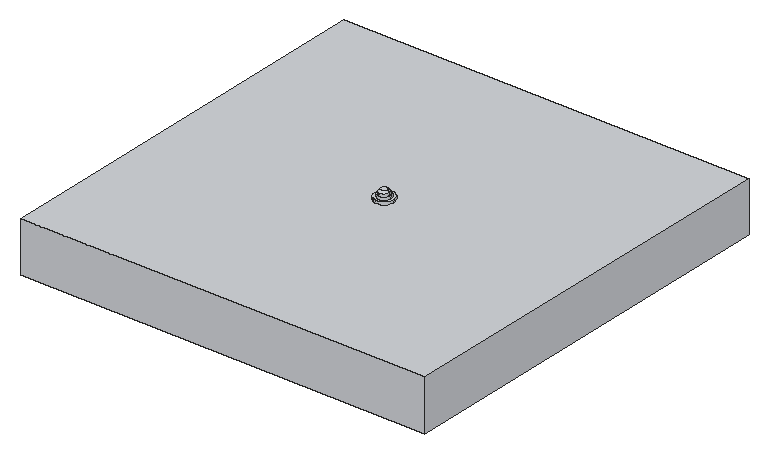
Revit family "M_200F Detector de calor", category Dispositivos de alarme de incêndio, Revit 2019
Family settings
  Hospedeiro = Face
  Manter orientação da anotação = Não
  Cota do conector redondo = Utilizar diâmetro
  Tipo de parte = Normal
  Número OmniClass = 23.85.30.21.11.11
  Título OmniClass = Fire/Smoke Detectors
  ID de item do Seek = 200F Heat Detector-0000-CAN-ENU
  Corte com vazios quando carregada = Não
  Compartilhado = Não
  Ponto de cálculo do ambiente = Não
Parameters (values of type "Padrão")
  Raio 2 = 19 mm
  Raio 3 = 29 mm
  Raio 1 = 38 mm
  Raio = Diâmetro * 0.5  # 58 mm
  Legenda = "200°"
  Diâmetro = 116 mm
  Material do detector = none
  Comprimento 3 = 13 mm
  Comprimento 2 = 13 mm
  Comprimento 1 = 13 mm
  Comprimento = 51 mm
  Elevação-padrão = 1200 mm
Reference planes
  plane 1 "Centro (Frente/Trás)": y = 0
  plane 2: z = 0
  plane 3 "Centro (Esquerda/Direita)": x = 0
  plane 4: z = 13
  plane 5: z = 51
  plane 6: z = 39
  plane 7: z = 26
Forms (mm)
  Extrusion 1, solid
    sketch origin (0, 0, 0) x (1, 0, 0) y (0, 1, 0)
      loop
        line (-1219.2, 1219.2) -> (-1219.2, -1219.2) -> (1219.2, -1219.2) -> (1219.2, 1219.2) -> (-1219.2, 1219.2)
    from 0 to -304.8
  Extrusion 2, solid, material <- "Material do detector"
    sketch origin (0, 0, 0) x (1, 0, 0) y (0, 1, 0)
      loop
        circle (0, 0) r 58
    from 0 to 13
  Extrusion 3, solid, material <- "Material do detector"
    sketch origin (0, 0, 0) x (1, 0, 0) y (0, 1, 0)
      loop
        circle (0, 0) r 38
    from 13 to 26
  Blend 4, solid, material <- "Material do detector"
    base sketch origin (0, 0, 0) x (1, 0, 0) y (0, 1, 0)
      loop
        circle (0, 0) r 29
    top sketch origin (0, 0, 0) x (1, 0, 0) y (0, 1, 0)
      loop
        circle (0, 0) r 19
    from 39 to 51
  Extrusion 5, solid, material <- "Material do detector"
    sketch origin (0, 0, 0) x (1, 0, 0) y (0, 1, 0)
      loop
        circle (0, 0) r 29
    from 26 to 39
Cuts and joins
  joined: Extrusion 2, Extrusion 3, Blend 4, Extrusion 5
Lines and regions (mm)
  symbolic lines, detail levels fine
    curve 1: arc (-58, 0, 0) -> (0, -58, 0) -> (58, 0, 0) r 58
    curve 2: arc (58, 0, 0) -> (0, 58, 0) -> (-58, 0, 0) r 58
    curve 3: arc (38, 0, 0) -> (0, 38, 0) -> (-38, 0, 0) r 38
    curve 4: arc (-38, 0, 0) -> (0, -38, 0) -> (38, 0, 0) r 38
    curve 5: arc (-29, 0, 0) -> (0, -29, 0) -> (29, 0, 0) r 29
    curve 6: arc (29, 0, 0) -> (0, 29, 0) -> (-29, 0, 0) r 29
    curve 7: arc (19, 0, 0) -> (0, 19, 0) -> (-19, 0, 0) r 19
    curve 8: arc (-19, 0, 0) -> (0, -19, 0) -> (19, 0, 0) r 19
Dimensions and locks
  "Comprimento 1": plane 4 to level
  "Comprimento": plane 5 to level
  "Comprimento 2": plane 7 to plane 4
  "Comprimento 3": plane 6 to plane 7
  "Raio": radius of Extrusion 2 sketch curve
  "Raio 1": radius of Extrusion 3 sketch curve
  "Raio 3": radius of Blend 4 sketch curve
  "Raio 2": radius of Blend 4 sketch curve
  "Raio 3": radius of Extrusion 5 sketch curve
  aligned and locked: plane 2 to Extrusion 1
  aligned and locked: level to Extrusion 1
  aligned and locked: Extrusion 2 to plane 2
  aligned and locked: plane 4 to Extrusion 2
  aligned and locked: Extrusion 3 to plane 4
  aligned and locked: plane 1 "Centro (Frente/Trás)" to Blend 4 sketch curve  (x2)
  aligned and locked: plane 3 "Centro (Esquerda/Direita)" to Blend 4 sketch curve  (x2)
  aligned and locked: plane 5 to Blend 4
  aligned and locked: Blend 4 to plane 6
  aligned and locked: Blend 4 to plane 5
  aligned and locked: plane 1 "Centro (Frente/Trás)" to Extrusion 2 sketch curve
  aligned and locked: plane 3 "Centro (Esquerda/Direita)" to Extrusion 2 sketch curve
  aligned and locked: plane 1 "Centro (Frente/Trás)" to Extrusion 3 sketch curve
  aligned and locked: plane 3 "Centro (Esquerda/Direita)" to Extrusion 3 sketch curve
  aligned and locked: plane 1 "Centro (Frente/Trás)" to Extrusion 5 sketch curve
  aligned and locked: plane 3 "Centro (Esquerda/Direita)" to Extrusion 5 sketch curve
  aligned and locked: plane 6 to Extrusion 5
  aligned and locked: plane 7 to cut or joined group of Extrusion 2, Extrusion 3, Blend 4, Extrusion 5  (x2)
  aligned and locked: cut or joined group of Extrusion 2, Extrusion 3, Blend 4, Extrusion 5 to plane 7
  aligned and locked: curve 1 to cut or joined group of Extrusion 2, Extrusion 3, Blend 4, Extrusion 5
  aligned and locked: curve 2 to cut or joined group of Extrusion 2, Extrusion 3, Blend 4, Extrusion 5
  aligned and locked: curve 3 to cut or joined group of Extrusion 2, Extrusion 3, Blend 4, Extrusion 5
  aligned and locked: curve 4 to cut or joined group of Extrusion 2, Extrusion 3, Blend 4, Extrusion 5
  aligned and locked: curve 5 to cut or joined group of Extrusion 2, Extrusion 3, Blend 4, Extrusion 5
  aligned and locked: curve 6 to cut or joined group of Extrusion 2, Extrusion 3, Blend 4, Extrusion 5
  aligned and locked: curve 7 to cut or joined group of Extrusion 2, Extrusion 3, Blend 4, Extrusion 5
  aligned and locked: curve 8 to cut or joined group of Extrusion 2, Extrusion 3, Blend 4, Extrusion 5
  aligned and locked: plane 1 "Centro (Frente/Trás)" to nested 1
  aligned and locked: nested 1 to plane 3 "Centro (Esquerda/Direita)"
Automatic sketch dimensions
  Extrusion 1 sketch curve to Extrusion 1 sketch curve = 2438.4 mm  (x2)
Nested families
  nested 1: "M_Anotação de detector de calor 1" at (0, 0, 0), type "Anotação do detector de calor 1", detail levels coarse+medium
Connectors
  electrical at (0, 0, 0)
    settings: on Extrusion 2, index 1, voltage 0 V, apparent load 0 VA, apparent load phase1 0 VA, apparent load phase2 0 VA, apparent load phase3 0 VA, power factor 1, load classification "Outros", number of poles 1, system type 11, power factor state 1, is connector primary yes, connector utility no, sub classification motor no, connector description ""
Definition of nested family "M_Anotação de detector de calor 1"
  Parameters
    Legenda 2 = "200°"
    Legenda 1 = "H"
  Reference planes
    plane 1: y = 0
    plane 2: x = 0
  Lines and regions (mm)
    reference lines
      curve 1: line (-15.09, 1.588, 0) -> (26.249, 1.587, 0)
    detail lines
      curve 2: line (0, 1.588, 0) -> (-1.375, 0.794, 0)
      curve 3: line (-1.375, 0.794, 0) -> (-1.375, -0.794, 0)
      curve 4: line (-1.375, -0.794, 0) -> (0, -1.588, 0)
      curve 5: line (0, -1.588, 0) -> (1.375, -0.794, 0)
      curve 6: line (1.375, -0.794, 0) -> (1.375, 0.794, 0)
      curve 7: line (1.375, 0.794, 0) -> (0, 1.588, 0)
  Text (mm)
    label "F" at (-0.804, -0.095, 0), shows "Legenda 1"
    label "200°" at (1.374, -1.124, 0), shows "Legenda 2"
  Dimensions and locks
    locked: plane 1 to curve 1 at 1.588
